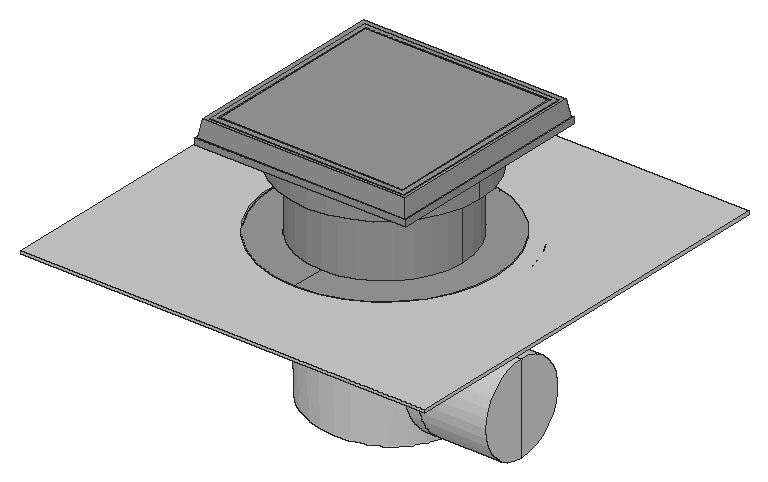
Revit family "HL_Дворовый трап серии Perfekt_HL615.1HW", category Instalační zařizovací předměty, Revit 2016
Family settings
  Typ součásti = Normální
  Kóta kulaté spojky = Použít průměr
  Číslo OmniClass = 23.70.50.21.24.14
  Nadpis OmniClass = Deck Waste Water Drains
  Založené na pracovní rovině = Ne
  Vždy vertikální = Ano
  Ořezat dutým tvarem při načtení = Ne
  Sdílené = Ne
  Bod výpočtu místnosti = Ano
Parameters (values of type "HL_Дворовый трап серии Perfekt_HL615.1HW")
  РЕШЁТКА = "Gusseisen 226 x 226 mm"
  РАЗМЕР = "DN110"
  ПРОПУСКНАЯ СПОСОБНОСТЬ [instance] = 0.0 L/s
  ПРОИЗВОДИТЕЛЬНОСТЬ = "2,5 l/s"
  ПРАВОВАЯ ИНФОРМАЦИЯ = "\"Авторские права(©), права на дизайн или какие либо другие права интелектуальной собственности являются исключительной собственностью компании HL Hutterer & Lechner. Изменению не подлежит. Файл семейства с данными о прозводителе изделия защищен паролем с водяным знаком.\""
  НОМИНАЛЬНЫЙ ДИАМЕТР = 110 mm
  НАСАДКА = "55-135mm/260x260mm Guss"
  МАТЕРИАЛ = "PP"
  МАКСИМАЛЬНАЯ НАГРУЗКА КЛАССА = "M - 12,5 t"
  ВЫСОТА МОНТАЖА = "218 mm"
  ВЕС = "13,6 kg"
  Výrobce = "HL Hutterer & Lechner GmbH"
  URL = "http://www.hutterer-lechner.com/ru/products/catalog/roof-drains/HL615.1HW.aspx"
  Материал плитка [instance] = none
  Připojení ventilace = no
  Připojení odpadu = yes
  Připojení HW = no
  Připojení CW = no
  Popis = "Дворовый трап серии Perfekt DN110 горизонтальный выпуск"
  Model = "HL615.1HW"
  Assembly Code = " "
  Komentáře k typům = "Дворовый трап серии Perfekt DN110 горизонтальный с битумным полотном, 260х260мм/226х226мм чугун с водяным затвором."
  Keynote = "HL615.1HW"
  IH [instance] = Высота монтажа 1 + Высота монтажа 2  # 135 mm
  Высота монтажа 2 [instance] = 0 mm
  Высота монтажа 1 [instance] = 135 mm
  G [instance] = 90.00°  # constant formula
  EAN = "9003076011476"
  D [instance] = 170 mm  # constant formula
  C [instance] = if(IH - 68 mm < 0 mm, 0 mm, IH - 68 mm)  # 67 mm
  B [instance] = 136.4 mm + IH  # 271.4 mm
  A [instance] = if(B - 100 mm > 15 mm, B - 100 mm, 15 mm)  # 171.4 mm
Types (2, lengths in mm): name | URL | Popis | Komentáře k typům
  (no name) | "http://www.hutterer-lechner.com/en/products/catalog/roof-drains/HL615.1HW.aspx" | 0 | "perfect-drain DN110 horizontal with bitumen membrane, 260x260mm/226x226mm cast iron with trap seal"
  HL_Дворовый трап серии Perfekt_HL615.1HW | "http://www.hutterer-lechner.com/ru/products/catalog/roof-drains/HL615.1HW.aspx" | "Дворовый трап серии Perfekt DN110 горизонтальный выпуск" | "Дворовый трап серии Perfekt DN110 горизонтальный с битумным полотном, 260х260мм/226х226мм чугун с водяным затвором."
Values of the unnamed type that differ from the named types
  ПРАВОВАЯ ИНФОРМАЦИЯ = "\"Copyright (©), design rights or any other intellectual property rights, shall be the exclusive property of HL Hutterer & Lechner GmbH. Modification is not allowed. Family has been watermarked.\""
Reference planes
  plane 1 "Center (Front/Back)": y = 0
  plane 2: z = 0
  plane 3 "Center (Left/Right)": x = 0
  plane 4: z = -271.4
  plane 5: z = -135
  plane 6: z = -135
Lines and regions (mm)
  model lines, style "InvisibleLines"
    curve 1: line (0, 0, 0) -> (0, 0, 20)
  model lines, style "PlumbingFixtures", detail levels coarse+medium
    curve 2: line (0, 0, -271.4) -> (0, 0, -100)
    curve 3: line (0, 0, -100) -> (-100, 0, 0)
    curve 4: line (0, 0, -100) -> (100, 0, 0)
    curve 6: line (0, 0, -271.4) -> (170, 0, -271.4)
  reference lines, not visible
    curve 5: line (0, 0, -271.4) -> (170, 0, -271.4)
  symbolic lines, style "PlumbingFixtures", detail levels coarse+medium
    curve 7: line (-75, 75, 0) -> (75, 75, 0)
    curve 8: line (-75, -75, 0) -> (-75, 75, 0)
    curve 9: line (75, -75, 0) -> (-75, -75, 0)
    curve 10: line (75, 75, 0) -> (75, -75, 0)
    curve 11: line (-75, 75, 0) -> (-145.711, 145.711, 0)
    curve 12: line (75, 75, 0) -> (145.711, 145.711, 0)
    curve 13: line (-75, -75, 0) -> (-145.711, -145.711, 0)
    curve 14: line (75, -75, 0) -> (145.711, -145.711, 0)
  symbolic lines, style "PlumbingFixtures", not visible, detail levels coarse+medium
    curve 15: line (-75, 75, 0) -> (75, 75, 0)
    curve 16: line (-75, -75, 0) -> (-75, 75, 0)
    curve 17: line (75, -75, 0) -> (-75, -75, 0)
    curve 18: line (75, 75, 0) -> (75, -75, 0)
    curve 19: line (-75, 75, 0) -> (-145.711, 145.711, 0)
    curve 20: line (75, 75, 0) -> (145.711, 145.711, 0)
    curve 21: line (-75, -75, 0) -> (-145.711, -145.711, 0)
    curve 22: line (75, -75, 0) -> (145.711, -145.711, 0)
Text (mm)
  text "FLOOR" at (-162.344, 0, -10.979), in view "Слева"
Dimensions and locks
  "B": plane 2 to plane 4
  "IH": plane 2 to plane 5
  "A": curve 4 to plane 4
  "D": curve 5 to curve 5
  "D": curve 6 to curve 6
  "Высота монтажа 1": plane 2 to plane 6
  locked: curve 4 to plane 3 "Center (Left/Right)" (angle 45.00°)
  locked: plane 3 "Center (Left/Right)" to curve 3 (angle 45.00°)
  "G": angle curve 5 to plane 3 "Center (Left/Right)"
  aligned and locked: level to plane 2
  aligned and locked: plane 2 to curve 4
  aligned and locked: plane 2 to curve 3
  aligned and locked: plane 4 to curve 5
  aligned and locked: curve 5 to plane 3 "Center (Left/Right)"
  aligned and locked: plane 4 to curve 2
  aligned and locked: plane 3 "Center (Left/Right)" to curve 6
  aligned and locked: curve 6 to plane 4
  aligned and locked: nested 1 to plane 3 "Center (Left/Right)"
  aligned and locked: plane 3 "Center (Left/Right)" to nested 2
  aligned and locked: plane 2 to nested 2
  aligned and locked: plane 3 "Center (Left/Right)" to nested 3
  aligned and locked: nested 3 to nested 2
  aligned and locked: nested 4 to plane 3 "Center (Left/Right)"
  aligned and locked: nested 4 to nested 1
  aligned and locked: nested 1 to plane 5
Automatic sketch dimensions
  plane 3 "Center (Left/Right)" to curve 2 = 0 mm
  curve 1 to plane 3 "Center (Left/Right)" = 0 mm
  curve 1 to level = 0 mm
  level to curve 1 = 20 mm
Nested families
  nested 1: "HL-кровельные воронки - корпус-HL615KH" at (0, 0, -137.127), type "HL-кровельные воронки - корпус-HL615KH"
  nested 2: "HL-Надставные элементы-HL624" at (0, 0, 0), Высота монтажа <- "Высота монтажа 1", type "HL-Надставные элементы-HL624"
    with Высота монтажа 135 mm, a 97 mm, Ihmin 55 mm, Ihmax 135 mm
  nested 3: "HL-Песколовка-HL0606.2E" at (0, 0, -27.999), type "HL-Песколовка-HL0606.2E"
  nested 4: "HL-Вкладыш запахозапирающий-HL0605.2E" at (0, 0, -197.289), type "HL-Вкладыш запахозапирающий-HL0605.2E"
Connectors
  piping at (170, 0, -271.4), diameter 110, driven by "ПРОПУСКНАЯ СПОСОБНОСТЬ", driven by "НОМИНАЛЬНЫЙ ДИАМЕТР"
    settings: on curve 5, index 1, connector inside diameter 609.6 mm, connector length 0 mm, flow factor 0, pipe flow 0.0 L/s, pressure drop 0.0 Pa, fitting loss kfactor 0, connector angle 0.00°, fixture units 0, engagement length 0 mm, angle of deflection 0.00°, flow configuration 1, flow direction 2, fitting loss method 0, system type 16, joint type 0, gender type 0, connector reference index -1, connector utility 0, adjustable connector yes, is connector primary yes, connector description ""
Definition of nested family "HL-кровельные воронки - корпус-HL615KH"
  Parameters (values of type "HL-кровельные воронки - корпус-HL615KH")
    РАЗМЕР = "DN110"
    ПРАВОВАЯ ИНФОРМАЦИЯ = "\"Авторские права(©), права на дизайн или какие либо другие права интелектуальной собственности являются исключительной собственностью компании HL Hutterer & Lechner. Изменению не подлежит. Файл семейства с данными о прозводителе изделия защищен паролем с водяным знаком.\""
    МАТЕРИАЛ = "PP"
    ВЫСОТА МОНТАЖА = "190 mm"
    ВЕС = "2,267 kg"
    Manufacturer = "HL Hutterer & Lechner GmbH"
    URL = "http://www.hutterer-lechner.com/ru/products/catalog/roof-drains/HL615KH.aspx"
    Description = "Дворовый трап серии Perfekt DN110 горизонтальный выпуск"
    Model = "HL615KH"
    материал 3 = none
    материал 2 = none
    материал = none
    Type Comments = "Корпус дворового трапа серии Perfekt DN110 горизонтальный с битумным полотном."
    Keynote = "HL615KH"
    EAN = "9003076012893"
    Cost = 0
  Values of the unnamed type that differ from the named types
    РАЗМЕР = ""
    ПРАВОВАЯ ИНФОРМАЦИЯ = ""
    МАТЕРИАЛ = ""
    ВЫСОТА МОНТАЖА = ""
    ВЕС = ""
    Manufacturer = ""
    URL = ""
    Description = ""
    Model = ""
    Type Comments = ""
    Keynote = ""
    EAN = ""
  Reference planes
    plane 1 "Střed (vpředu/vzadu)": y = 0
    plane 2: z = 0
    plane 3 "Střed (vlevo/vpravo)": x = 0
  Forms (mm)
    Revolve 1, solid, material <- "материал", detail levels fine
      sketch origin (0, 0, 16.838) x (1, 0, 0) y (0, 0, 1)
        loop
          line (-102.992, -29.032) -> (-102.992, -49.657) -> (-93.991, -49.657) -> (-93.991, -81.233) -> (-89.525, -81.233) -> (-89.525, -96.233) -> (-87.601, -206.46) -> (0, -206.46) -> (0, -142.233) -> (-85.48, -142.233) -> (-85.48, -77) -> (-90.064, -77) -> (-90.064, -42) -> (-98.519, -42) -> (-98.519, -20.158) -> (-146.118, -20.158) -> (-158.507, -16.838) -> (-158.507, -19.787) -> (-146.081, -23.116) -> (-137.541, -23.116) -> (-137.541, -29.032) -> (-102.992, -29.032)
        axis (0, -16.838) -> (0, -206.46)
      angle from 0 to 360
    Extrusion 2, void
      sketch origin (0, 0, 16.838) x (1, 0, 0) y (0, 0, 1)
        loop
          line (101.097, -207.584) -> (-103.425, -190.313) -> (-103.425, -230.313) -> (101.097, -230.313) -> (101.097, -207.584)
      from -118.5 to 100
    Revolve 3, solid, material <- "материал", detail levels fine
      sketch origin (0, 0, 16.838) x (1, 0, 0) y (0, 0, 1)
        loop
          line (170, -151.233) -> (52.576, -151.233) -> (52.576, -206.233) -> (87.576, -206.233) -> (170, -206.233) -> (170, -151.233)
        axis (52.576, -151.233) -> (170, -151.233)
      angle from 0 to 360
    Extrusion 4, void
      sketch origin (0, 0, 16.838) x (1, 0, 0) y (0, 1, 0)
        loop
          line (53.489, 64) -> (-15, 64) -> (-15, 82.049)
          arc (-15, 82.049) -> (-83.409, 0) -> (-15, -82.049) r 83.409
          line (-15, -82.049) -> (-15, -64) -> (53.489, -64)
          arc (53.489, -64) -> (83.409, 0) -> (53.489, 64) r 83.409
      from -186.135 to -66.314
    Extrusion 5, void
      sketch origin (400, 0, 16.838) x (1, 0, 0) y (0, 1, 0)
        loop
          line (-343.274, 64) -> (-415, 64) -> (-415, -64) -> (-344.352, -64)
          arc (-344.352, -64) -> (-313.891, -0.252) -> (-343.274, 64) r 83.409
      from -186.135 to -66.314
    Extrusion 6, solid, material <- "материал 3", detail levels fine
      sketch origin (0, 0, 0) x (1, 0, 0) y (0, 1, 0)
        loop
          line (250, 250) -> (-250, 250) -> (-250, -250) -> (250, -250) -> (250, 250)
        loop
          circle (0, 0) r 137.541
      from -1.369 to 2.127
    Revolve 7, solid, material <- "материал 2", detail levels fine
      sketch origin (0, 0, 0) x (0, 1, 0) y (0, 0, 1)
        loop
          line (139.097, 2.127) -> (98.528, 2.127) -> (98.528, 0) -> (139.097, 0) -> (139.097, 2.127)
        axis (0, 2.127) -> (0, 0)
      angle from 0 to 360
  Cuts and joins
    Extrusion 2, Extrusion 4 cuts Revolve 1
    Extrusion 2, Extrusion 5 cuts Revolve 3
  Dimensions and locks
    aligned and locked: level to plane 2
Definition of nested family "HL-Надставные элементы-HL624"
  Parameters (values of type "HL-Надставные элементы-HL624")
    РЕШЁТКА = "Guss 226x226mm"
    РАЗМЕР = "d 195mm"
    ПРАВОВАЯ ИНФОРМАЦИЯ = "\"Авторские права(©), права на дизайн или какие либо другие права интелектуальной собственности являются исключительной собственностью компании HL Hutterer & Lechner. Изменению не подлежит. Файл семейства с данными о прозводителе изделия защищен паролем с водяным знаком.\""
    НАСАДКА = "260x260mm"
    МАТЕРИАЛ = "PP"
    МАКСИМАЛЬНАЯ НАГРУЗКА КЛАССА = "B - 12,5 t (aussen)"
    ВЫСОТА МОНТАЖА = "152mm"
    ВЕС = "11,37 [kg]"
    a [instance] = if(Высота монтажа < Ihmin, -10 mm, if(Высота монтажа > Ihmax, -10 mm, Высота монтажа - 38 mm))  # 97 mm
    Manufacturer = "HL Hutterer & Lechner GmbH"
    URL = "http://www.hutterer-lechner.com/ru/products/catalog/roof-drains/HL624.aspx"
    Description = "Надставные элементы"
    Model = "HL624"
    материал = none
    Type Comments = "Насадка d 195мм/литые подрамники 260х260мм/226х226мм чугун"
    Keynote = "HL624"
    Высота монтажа [instance] = 135 mm
    Ihmin [instance] = 55 mm
    Ihmax [instance] = 135 mm
    EAN = "9003076014767"
    Cost = 0
  Values of the unnamed type that differ from the named types
    РЕШЁТКА = ""
    РАЗМЕР = ""
    ПРАВОВАЯ ИНФОРМАЦИЯ = ""
    НАСАДКА = ""
    МАТЕРИАЛ = ""
    МАКСИМАЛЬНАЯ НАГРУЗКА КЛАССА = ""
    ВЫСОТА МОНТАЖА = ""
    ВЕС = ""
    Manufacturer = ""
    URL = ""
    Description = ""
    Model = ""
    Type Comments = ""
    Keynote = ""
    EAN = ""
  Reference planes
    plane 1 "Střed (vpředu/vzadu)": y = 0
    plane 2: z = 0
    plane 3 "Střed (vlevo/vpravo)": x = 0
    plane 4: z = -58
    plane 5: z = -155
  Forms (mm)
    Extrusion 1, solid, material <- "материал", detail levels fine
      sketch origin (0, 0, 0) x (1, 0, 0) y (0, 1, 0)
        loop
          line (-112.5, 112.5) -> (-112.5, -112.5) -> (112.5, -112.5) -> (112.5, 112.5) -> (-112.5, 112.5)
      from 0 to -20
    Extrusion 2, solid, material <- "материал", detail levels fine
      sketch origin (0, 0, 0) x (1, 0, 0) y (0, 1, 0)
        loop
          line (114.5, -114.5) -> (114.5, 114.5) -> (-114.5, 114.5) -> (-114.5, -114.5) -> (114.5, -114.5)
        loop
          line (-120, 120) -> (-120, -120) -> (120, -120) -> (120, 120) -> (-120, 120)
      from 0 to -20
    Extrusion 3, solid, material <- "материал", detail levels fine
      sketch origin (0, 0, 0) x (1, 0, 0) y (0, 1, 0)
        loop
          line (120, -120) -> (120, 120) -> (-120, 120) -> (-120, -120) -> (120, -120)
      from -20 to -23
    Revolve 4, solid, material <- "материал", detail levels fine
      sketch origin (0, 0, 0) x (1, 0, 0) y (0, 0, 1)
        loop
          line (0, -28) -> (-117.877, -28) -> (-117.877, -58.2) -> (0, -58.2) -> (0, -28)
        axis (0, -58.2) -> (0, -28)
      angle from 0 to 360
    Revolve 5, solid, material <- "материал", detail levels fine
      sketch origin (0, 0, 0) x (1, 0, 0) y (0, 0, 1)
        loop
          line (0, -58) -> (0, -155) -> (97.213, -155) -> (97.213, -58) -> (0, -58)
        axis (0, -58) -> (0, -155)
      angle from 0 to 360
    Extrusion 6, solid, material <- "материал", detail levels fine
      sketch origin (0, 0, 0) x (1, 0, 0) y (0, 1, 0)
        loop
          line (130, 130) -> (-130, 130) -> (-130, -130) -> (130, -130) -> (130, 130)
      from -28 to -20
    Blend 7, solid, material <- "материал", detail levels fine
      base sketch origin (0, 0, 0) x (1, 0, 0) y (0, 1, 0)
        loop
          line (-128.315, -128.315) -> (128.315, -128.315) -> (128.315, 128.315) -> (-128.315, 128.315) -> (-128.315, -128.315)
      top sketch origin (0, 0, 0) x (1, 0, 0) y (0, 1, 0)
        loop
          line (124.788, 124.788) -> (-124.788, 124.788) -> (-124.788, -124.788) -> (124.788, -124.788) -> (124.788, 124.788)
      from -20 to 0
  Cuts and joins
    joined: Extrusion 2, Extrusion 3
  Lines and regions (mm)
    model lines, detail levels fine
      curve 1: line (10.96, 46.315, 0) -> (45.608, 80.964, 0)
      curve 2: line (56.215, 70.357, 0) -> (21.567, 35.709, 0)
      curve 3: line (35.709, 21.567, 0) -> (70.357, 56.215, 0)
      curve 4: line (80.964, 45.608, 0) -> (46.315, 10.96, 0)
      curve 5: line (92, 7.5, 0) -> (72.5, 7.5, 0)
      curve 6: line (92, -7.5, 0) -> (72.5, -7.5, 0)
      curve 7: arc (92, -7.5, 0) -> (99.5, 0, 0) -> (92, 7.5, 0) r 7.5
      curve 8: arc (72.5, -7.5, 0) -> (65, 0, 0) -> (72.5, 7.5, 0) r 7.5
      curve 9: arc (80.964, 45.608, 0) -> (80.964, 56.215, 0) -> (70.357, 56.215, 0) r 7.5
      curve 10: arc (56.215, 70.357, 0) -> (56.215, 80.964, 0) -> (45.608, 80.964, 0) r 7.5
      curve 11: arc (21.567, 35.709, 0) -> (10.96, 35.709, 0) -> (10.96, 46.315, 0) r 7.5
      curve 12: arc (46.315, 10.96, 0) -> (35.709, 10.96, 0) -> (35.709, 21.567, 0) r 7.5
      curve 13: line (7.5, 92, 0) -> (7.5, 72.5, 0)
      curve 14: line (-7.5, 92, 0) -> (-7.5, 72.5, 0)
      curve 15: arc (-7.5, 92, 0) -> (0, 99.5, 0) -> (7.5, 92, 0) r 7.5
      curve 16: arc (-7.5, 72.5, 0) -> (0, 65, 0) -> (7.5, 72.5, 0) r 7.5
      curve 17: line (7.5, -92, 0) -> (7.5, -72.5, 0)
      curve 18: line (-7.5, -92, 0) -> (-7.5, -72.5, 0)
      curve 19: arc (-7.5, -92, 0) -> (0, -99.5, 0) -> (7.5, -92, 0) r 7.5
      curve 20: arc (-7.5, -72.5, 0) -> (0, -65, 0) -> (7.5, -72.5, 0) r 7.5
      curve 21: line (92, -7.5, 0) -> (72.5, -7.5, 0)
      curve 22: line (92, 7.5, 0) -> (72.5, 7.5, 0)
      curve 23: arc (92, 7.5, 0) -> (99.5, 0, 0) -> (92, -7.5, 0) r 7.5
      curve 24: arc (72.5, 7.5, 0) -> (65, 0, 0) -> (72.5, -7.5, 0) r 7.5
      curve 25: line (-92, -7.5, 0) -> (-72.5, -7.5, 0)
      curve 26: arc (-92, -7.5, 0) -> (-99.5, 0, 0) -> (-92, 7.5, 0) r 7.5
      curve 27: arc (-72.5, -7.5, 0) -> (-65, 0, 0) -> (-72.5, 7.5, 0) r 7.5
      curve 28: line (-92, -7.5, 0) -> (-72.5, -7.5, 0)
      curve 29: line (-92, 7.5, 0) -> (-72.5, 7.5, 0)
      curve 30: arc (-92, 7.5, 0) -> (-99.5, 0, 0) -> (-92, -7.5, 0) r 7.5
      curve 31: arc (-72.5, 7.5, 0) -> (-65, 0, 0) -> (-72.5, -7.5, 0) r 7.5
      curve 32: line (-10.96, 46.315, 0) -> (-45.608, 80.964, 0)
      curve 33: line (-56.215, 70.357, 0) -> (-21.567, 35.709, 0)
      curve 34: line (-35.709, 21.567, 0) -> (-70.357, 56.215, 0)
      curve 35: line (-80.964, 45.608, 0) -> (-46.315, 10.96, 0)
      curve 36: arc (-80.964, 45.608, 0) -> (-80.964, 56.215, 0) -> (-70.357, 56.215, 0) r 7.5
      curve 37: arc (-56.215, 70.357, 0) -> (-56.215, 80.964, 0) -> (-45.608, 80.964, 0) r 7.5
      curve 38: arc (-21.567, 35.709, 0) -> (-10.96, 35.709, 0) -> (-10.96, 46.315, 0) r 7.5
      curve 39: arc (-46.315, 10.96, 0) -> (-35.709, 10.96, 0) -> (-35.709, 21.567, 0) r 7.5
      curve 40: line (10.96, -46.315, 0) -> (45.608, -80.964, 0)
      curve 41: line (56.215, -70.357, 0) -> (21.567, -35.709, 0)
      curve 42: line (35.709, -21.567, 0) -> (70.357, -56.215, 0)
      curve 43: line (80.964, -45.608, 0) -> (46.315, -10.96, 0)
      curve 44: arc (80.964, -45.608, 0) -> (80.964, -56.215, 0) -> (70.357, -56.215, 0) r 7.5
      curve 45: arc (56.215, -70.357, 0) -> (56.215, -80.964, 0) -> (45.608, -80.964, 0) r 7.5
      curve 46: arc (21.567, -35.709, 0) -> (10.96, -35.709, 0) -> (10.96, -46.315, 0) r 7.5
      curve 47: arc (46.315, -10.96, 0) -> (35.709, -10.96, 0) -> (35.709, -21.567, 0) r 7.5
      curve 48: line (-10.96, -46.315, 0) -> (-45.608, -80.964, 0)
      curve 49: line (-56.215, -70.357, 0) -> (-21.567, -35.709, 0)
      curve 50: line (-35.709, -21.567, 0) -> (-70.357, -56.215, 0)
      curve 51: line (-80.964, -45.608, 0) -> (-46.315, -10.96, 0)
      curve 52: arc (-80.964, -45.608, 0) -> (-80.964, -56.215, 0) -> (-70.357, -56.215, 0) r 7.5
      curve 53: arc (-56.215, -70.357, 0) -> (-56.215, -80.964, 0) -> (-45.608, -80.964, 0) r 7.5
      curve 54: arc (-21.567, -35.709, 0) -> (-10.96, -35.709, 0) -> (-10.96, -46.315, 0) r 7.5
      curve 55: arc (-46.315, -10.96, 0) -> (-35.709, -10.96, 0) -> (-35.709, -21.567, 0) r 7.5
  Dimensions and locks
    plane 2 to plane 4 = 58 mm
    "a": plane 4 to Revolve 5 sketch curve
    locked: plane 2 to plane 5 at 155
    aligned and locked: level to plane 2
    aligned and locked: plane 4 to Revolve 5 sketch curve
    aligned and locked: Extrusion 6 to Revolve 4
  Automatic sketch dimensions
    curve 7 to curve 23 = 0 mm  (x2)
    curve 8 to curve 24 = 0 mm  (x2)
    curve 26 to curve 30 = 0 mm  (x2)
    curve 27 to curve 31 = 0 mm  (x2)
    plane 1 "Střed (vpředu/vzadu)" to curve 26 = 0 mm
    curve 16 to plane 3 "Střed (vlevo/vpravo)" = 0 mm
    curve 20 to plane 3 "Střed (vlevo/vpravo)" = 0 mm
    plane 1 "Střed (vpředu/vzadu)" to curve 24 = 0 mm
    curve 18 to plane 3 "Střed (vlevo/vpravo)" = 7.5 mm
    curve 14 to plane 3 "Střed (vlevo/vpravo)" = 7.5 mm
    curve 32 to plane 3 "Střed (vlevo/vpravo)" = 10.96 mm
    curve 48 to plane 3 "Střed (vlevo/vpravo)" = 10.96 mm
    curve 54 to curve 54 = 5.303 mm  (x2)
    curve 38 to curve 38 = 5.303 mm  (x2)
    curve 49 to curve 54 = 5.303 mm
    curve 33 to curve 38 = 5.303 mm
    curve 34 to curve 33 = 14.142 mm
    curve 50 to curve 49 = 14.142 mm
    curve 39 to curve 34 = 5.303 mm
    curve 55 to curve 50 = 5.303 mm
    curve 48 to curve 20 = 38.108 mm
    curve 32 to curve 14 = 38.108 mm
    curve 35 to plane 1 "Střed (vpředu/vzadu)" = 10.96 mm
    curve 35 to curve 39 = 5.303 mm
    plane 1 "Střed (vpředu/vzadu)" to curve 51 = 10.96 mm
    curve 51 to curve 55 = 5.303 mm
    curve 53 to curve 48 = 5.303 mm
    curve 37 to curve 32 = 5.303 mm
    curve 49 to curve 53 = 5.303 mm
    curve 33 to curve 37 = 5.303 mm  (x2)
    curve 34 to curve 37 = 14.142 mm
    curve 50 to curve 53 = 14.142 mm
    curve 27 to curve 39 = 26.185 mm
    curve 36 to curve 34 = 5.303 mm
    curve 52 to curve 50 = 5.303 mm
    curve 35 to plane 1 "Střed (vpředu/vzadu)" = 45.608 mm
    curve 35 to curve 36 = 5.303 mm  (x2)
    plane 1 "Střed (vpředu/vzadu)" to curve 51 = 45.608 mm
    curve 51 to curve 52 = 5.303 mm
    plane 1 "Střed (vpředu/vzadu)" to curve 28 = 7.5 mm
    curve 28 to curve 25 = 19.5 mm
    plane 3 "Střed (vlevo/vpravo)" to curve 1 = 10.96 mm
    plane 3 "Střed (vlevo/vpravo)" to curve 40 = 10.96 mm
    curve 11 to curve 11 = 5.303 mm
    curve 46 to curve 46 = 5.303 mm  (x2)
    curve 11 to curve 2 = 5.303 mm
    curve 46 to curve 41 = 5.303 mm
    curve 2 to curve 3 = 14.142 mm
    curve 41 to curve 42 = 14.142 mm  (x3)
    curve 42 to curve 47 = 5.303 mm
    curve 3 to curve 12 = 5.303 mm
    curve 13 to curve 1 = 38.108 mm
    curve 17 to curve 40 = 38.108 mm
    plane 1 "Střed (vpředu/vzadu)" to curve 43 = 10.96 mm
    curve 47 to curve 43 = 5.303 mm
    curve 4 to plane 1 "Střed (vpředu/vzadu)" = 10.96 mm
    curve 12 to curve 4 = 5.303 mm
    curve 1 to curve 10 = 5.303 mm
    curve 40 to curve 45 = 5.303 mm
    curve 45 to curve 41 = 5.303 mm  (x2)
    curve 10 to curve 2 = 5.303 mm
    curve 10 to curve 3 = 14.142 mm
    curve 43 to curve 24 = 26.185 mm
    curve 42 to curve 44 = 5.303 mm
    curve 3 to curve 9 = 5.303 mm
    plane 1 "Střed (vpředu/vzadu)" to curve 43 = 45.608 mm
    curve 44 to curve 43 = 5.303 mm
    curve 4 to plane 1 "Střed (vpředu/vzadu)" = 45.608 mm
    curve 9 to curve 4 = 5.303 mm
    curve 5 to plane 1 "Střed (vpředu/vzadu)" = 7.5 mm
    curve 22 to curve 5 = 19.5 mm
    plane 1 "Střed (vpředu/vzadu)" to curve 48 = 46.315 mm
    curve 48 to curve 40 = 0 mm
    curve 52 to curve 52 = 5.303 mm
    curve 44 to curve 44 = 5.303 mm
    curve 49 to curve 50 = 14.142 mm
    curve 17 to curve 40 = 26.185 mm
    curve 53 to curve 49 = 5.303 mm
    curve 17 to curve 20 = 19.5 mm
    curve 42 to curve 47 = 10.607 mm
    curve 50 to curve 51 = 10.607 mm
    curve 4 to curve 12 = 5.303 mm
    curve 39 to curve 39 = 5.303 mm
    curve 39 to curve 33 = 14.142 mm
    curve 12 to curve 2 = 14.142 mm
    curve 2 to curve 11 = 5.303 mm
    curve 9 to curve 9 = 5.303 mm
    curve 3 to curve 2 = 14.142 mm
    curve 36 to curve 33 = 14.142 mm
    curve 11 to curve 13 = 26.185 mm
    curve 2 to curve 10 = 5.303 mm
    curve 14 to curve 14 = 19.5 mm
    Extrusion 1 sketch curve to plane 3 "Střed (vlevo/vpravo)" = 112.5 mm
    plane 3 "Střed (vlevo/vpravo)" to Extrusion 1 sketch curve = 112.5 mm
    plane 1 "Střed (vpředu/vzadu)" to Extrusion 1 sketch curve = 112.5 mm
    Extrusion 1 sketch curve to plane 1 "Střed (vpředu/vzadu)" = 112.5 mm
    Extrusion 2 sketch curve to plane 3 "Střed (vlevo/vpravo)" = 120 mm
    Extrusion 2 sketch curve to Extrusion 2 sketch curve = 5.5 mm  (x4)
    plane 3 "Střed (vlevo/vpravo)" to Extrusion 2 sketch curve = 114.5 mm
    plane 1 "Střed (vpředu/vzadu)" to Extrusion 2 sketch curve = 120 mm
    Extrusion 2 sketch curve to plane 1 "Střed (vpředu/vzadu)" = 114.5 mm
    Extrusion 3 sketch curve to plane 3 "Střed (vlevo/vpravo)" = 120 mm
    plane 3 "Střed (vlevo/vpravo)" to Extrusion 3 sketch curve = 120 mm
    plane 1 "Střed (vpředu/vzadu)" to Extrusion 3 sketch curve = 120 mm
    Extrusion 3 sketch curve to plane 1 "Střed (vpředu/vzadu)" = 120 mm
    Revolve 4 sketch curve to plane 3 "Střed (vlevo/vpravo)" = 0 mm  (x2)
    Revolve 4 sketch curve to level = 28 mm
    Revolve 4 sketch curve to plane 3 "Střed (vlevo/vpravo)" = 117.877 mm
    Revolve 4 sketch curve to plane 4 = 0.2 mm
    level to Revolve 4 sketch curve = 32 mm
    Revolve 4 sketch curve to Revolve 4 sketch curve = 90 mm
    Extrusion 6 sketch curve to plane 3 "Střed (vlevo/vpravo)" = 130 mm
    plane 3 "Střed (vlevo/vpravo)" to Extrusion 6 sketch curve = 130 mm
    plane 1 "Střed (vpředu/vzadu)" to Extrusion 6 sketch curve = 130 mm
    Extrusion 6 sketch curve to plane 1 "Střed (vpředu/vzadu)" = 130 mm
    Blend 7 sketch curve to plane 3 "Střed (vlevo/vpravo)" = 128.315 mm
    plane 3 "Střed (vlevo/vpravo)" to Blend 7 sketch curve = 128.315 mm
    plane 1 "Střed (vpředu/vzadu)" to Blend 7 sketch curve = 128.315 mm
    Blend 7 sketch curve to plane 1 "Střed (vpředu/vzadu)" = 128.315 mm
    Blend 7 sketch curve to plane 3 "Střed (vlevo/vpravo)" = 124.788 mm
    plane 3 "Střed (vlevo/vpravo)" to Blend 7 sketch curve = 124.788 mm
    plane 1 "Střed (vpředu/vzadu)" to Blend 7 sketch curve = 124.788 mm
    Blend 7 sketch curve to plane 1 "Střed (vpředu/vzadu)" = 124.788 mm
    Revolve 5 sketch curve to plane 3 "Střed (vlevo/vpravo)" = 0 mm  (x2)
    plane 3 "Střed (vlevo/vpravo)" to Revolve 5 sketch curve = 97.213 mm
    Revolve 5 sketch curve to plane 5 = 28.999 mm
    Revolve 5 sketch curve to Revolve 5 sketch curve = 140 mm
Definition of nested family "HL-Песколовка-HL0606.2E"
  Parameters (values of type "HL-Песколовка-HL0606.2E")
    ПРАВОВАЯ ИНФОРМАЦИЯ = "\"Авторские права(©), права на дизайн или какие либо другие права интелектуальной собственности являются исключительной собственностью компании HL Hutterer & Lechner. Изменению не подлежит. Файл семейства с данными о прозводителе изделия защищен паролем с водяным знаком.\""
    МАТЕРИАЛ = "PP"
    ВЕС = "0,09 kg"
    Manufacturer = "HL Hutterer & Lechner GmbH"
    URL = "http://www.hutterer-lechner.com/ru/products/catalog/roof-drains/HL0606.2E.aspx"
    Description = "Песколовка"
    Model = "HL0606.2E"
    материал = none
    Type Comments = "Песколовка"
    Keynote = "HL0606.2E"
    EAN = "9003076060627"
    Cost = 0
  Values of the unnamed type that differ from the named types
    ПРАВОВАЯ ИНФОРМАЦИЯ = ""
    МАТЕРИАЛ = ""
    ВЕС = ""
    Manufacturer = ""
    URL = ""
    Description = ""
    Model = ""
    Type Comments = ""
    Keynote = ""
    EAN = ""
  Reference planes
    plane 1 "Střed (vpředu/vzadu)": y = 0
    plane 2: z = 0
    plane 3 "Střed (vlevo/vpravo)": x = 0
  Forms (mm)
    Revolve 1, solid, material <- "материал", detail levels fine
      sketch origin (0, 0, 0) x (1, 0, 0) y (0, 0, 1)
        loop
          line (0, -55.952) -> (0, -58.018) -> (57.601, -56.006)
          arc (57.601, -56.006) -> (65.932, -53.053) -> (69.532, -44.98) r 11.208
          line (69.532, -44.98) -> (72.482, -41.586) -> (75.031, -12.448) -> (75.865, -6.515)
          arc (75.865, -6.515) -> (76.428, -5.156) -> (77.786, -4.594) r 1.921
          line (77.786, -4.594) -> (95.979, -3.002) -> (95.979, -0.001) -> (73.246, -1.99) -> (69.436, -41.391) -> (67.501, -43.326)
          arc (67.501, -43.326) -> (65.111, -51.02) -> (57.603, -53.94) r 9.273
          line (57.603, -53.94) -> (0, -55.952)
        axis (0, -58.018) -> (0, -0.001)
      angle from 0 to 360
  Dimensions and locks
    aligned and locked: level to plane 2
Definition of nested family "HL-Вкладыш запахозапирающий-HL0605.2E"
  Parameters
    ПРАВОВАЯ ИНФОРМАЦИЯ = ""
    МАТЕРИАЛ = ""
    ВЕС = ""
    Manufacturer = ""
    URL = ""
    Description = ""
    Model = ""
    материал 2 = none
    материал = none
    Type Comments = ""
    Keynote = ""
    EAN = ""
    Cost = 0
  Types (2, lengths in mm): name | ПРАВОВАЯ ИНФОРМАЦИЯ | МАТЕРИАЛ | ВЕС | Manufacturer | URL | Description | Model | Type Comments | Keynote | EAN
    (no name) | "" | "" | "" | "" | "" | "" | "" | "" | "" | ""
    HL-Вкладыш запахозапирающий-HL0605.2E | "\"Авторские права(©), права на дизайн или какие либо другие права интелектуальной собственности являются исключительной собственностью компании HL Hutterer & Lechner. Изменению не подлежит. Файл семейства с данными о прозводителе изделия защищен паролем с водяным знаком.\"" | "PP" | "0,192 kg" | "HL Hutterer & Lechner GmbH" | "http://www.hutterer-lechner.com/ru/products/catalog/roof-drains/HL0605.2E.aspx" | "Вкладыш запахозапирающий" | "HL0605.2E" | "Вкладыш водяного затвора комплектный" | "HL0605.2E" | "9003076009725"
  Reference planes
    plane 1 "Střed (vpředu/vzadu)": y = 0
    plane 2: z = 0
    plane 3 "Střed (vlevo/vpravo)": x = 0
  Forms (mm)
    Revolve 1, solid, material <- "материал 2", detail levels fine
      sketch origin (0, 0, 0) x (1, 0, 0) y (0, 0, 1)
        loop
          line (88, -3) -> (88, 0) -> (82.921, 0) -> (82.921, -1.338) -> (78.867, -6.169) -> (78.867, -19.629) -> (76.315, -48.796)
          arc (76.315, -48.796) -> (75.558, -51.125) -> (73.796, -52.827) r 5.066
          line (73.796, -52.827) -> (58.029, -61.938) -> (58.029, -93.034) -> (53.399, -98) -> (41.859, -98) -> (41.859, -83.043) -> (45.35, -83.043) -> (45.35, -33) -> (29.878, -33) -> (29.878, -100) -> (52.94, -100)
          arc (52.94, -100) -> (57.932, -97.932) -> (60, -92.939) r 7.061
          line (60, -92.939) -> (60, -65.894)
          arc (60, -65.894) -> (60.671, -63.394) -> (62.5, -61.564) r 5.003
          line (62.5, -61.564) -> (74.706, -54.511)
          arc (74.706, -54.511) -> (77.106, -52.212) -> (78.174, -49.065) r 6.994
          line (78.174, -49.065) -> (81.088, -15.754) -> (83.996, -15.499) -> (83.996, -12.378)
          arc (83.996, -12.378) -> (85.775, -10) -> (83.996, -7.623) r 2.478
          line (83.996, -7.623) -> (83.996, -3) -> (88, -3)
        axis (0, 0) -> (0, -100)
      angle from 0 to 360
    Revolve 2, solid, material <- "материал", detail levels fine
      sketch origin (0, 0, 0) x (1, 0, 0) y (0, 0, 1)
        loop
          line (47.229, -83.043) -> (47.229, -28.043)
          arc (47.229, -28.043) -> (43.63, -19.353) -> (34.94, -15.754) r 12.289
          line (34.94, -15.754) -> (0, -15.754) -> (0, -48.796) -> (45.35, -48.796) -> (45.35, -83.043) -> (47.229, -83.043)
        axis (0, -83.043) -> (0, -15.754)
      angle from 0 to 360
  Dimensions and locks
    aligned and locked: level to plane 2
